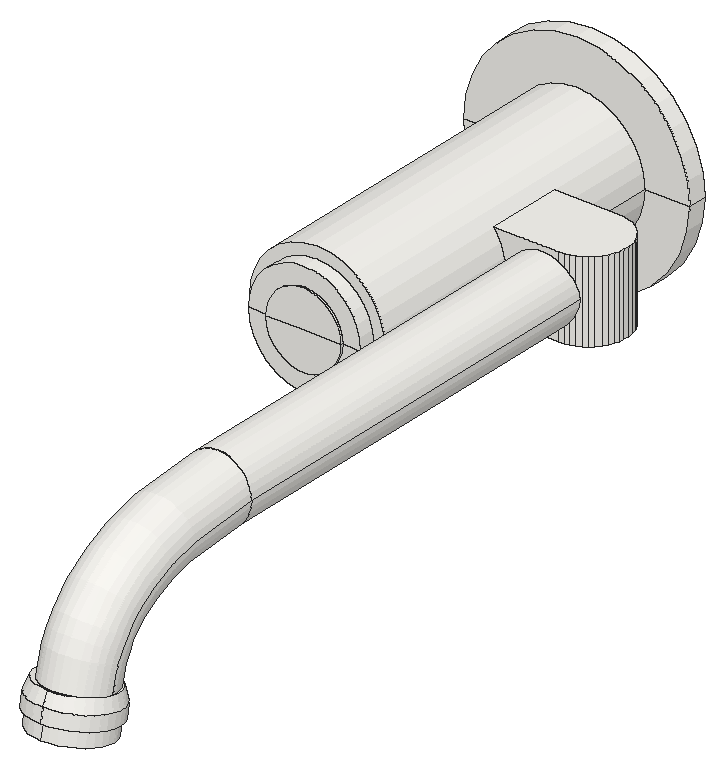
Revit family "DSPT0003_REVIT", category Generic Models, Revit 2017
Family settings
  Can host rebar = No
  Round Connector Dimension = Use Diameter
  Part Type = Normal
  Work Plane-Based = Yes
  Always vertical = Yes
  Cut with Voids When Loaded = No
  Shared = No
  Room Calculation Point = No
Parameters
  Website = "https://dolphy.in/"  # constant formula
  Default Elevation = 1219.2 mm
  Contact number = "+91 9520202035"  # constant formula
  Contact email = "info@dolphy.in"  # constant formula
  Company name = "Dolphy India"  # constant formula
Reference planes
  plane 1 "Center (Front/Back)": y = 0
  plane 2: z = 0
  plane 3 "Center (Left/Right)": x = 0
  plane 4 "a": x = 15.634
Forms (mm)
  Revolve 1, solid, material "Silver"
    sketch origin (-43.129, -255.803, 0) x (-1, 0, 0) y (0, -1, 0)
      loop
        line (-13, -164.585) -> (-31, -164.585) -> (-31, -250.803) -> (-13, -250.803) -> (-13, -164.585)
      axis (-31, -250.803) -> (-31, -164.585)
    angle from 0 to 360
  Revolve 2, solid, material "Silver"
    sketch origin (-12.153, -42.365, 0) x (-1, 0, 0) y (0, -1, 0)
      loop
        line (0, -37.365) -> (0, -42.365) -> (29.977, -42.365) -> (29.977, -37.365) -> (0, -37.365)
      axis (0, -37.365) -> (0, -42.365)
    angle from 0 to 360
  Revolve 3, solid, material "Silver"
    sketch origin (-12.153, -45.49, 0) x (-1, 0, 0) y (0, -1, 0)
      loop
        line (0, 43.635) -> (14.977, 43.635) -> (14.977, 49.744) -> (0, 49.744) -> (0, 43.635)
      axis (0, 49.744) -> (0, 43.635)
    angle from 0 to 360
  Revolve 4, solid, material "Silver"
    sketch origin (-12.153, -29.24, 0) x (-1, 0, 0) y (0, -1, 0)
      loop
        line (0, 65.454) -> (10, 65.454) -> (10, 66.421) -> (0, 66.421) -> (0, 65.454)
      axis (0, 66.421) -> (0, 65.421)
    angle from 0 to 360
  Revolve 5, solid, material "Silver"
    sketch origin (-8.403, -42.365, 0) x (-1, 0, 0) y (0, -1, 0)
      loop
        line (-15.037, 116.511) -> (-24.037, 116.511) -> (-24.037, 5.227) -> (-15.037, 5.227) -> (-15.037, 116.511)
      axis (-24.037, 116.511) -> (-24.037, 5.227)
    angle from 0 to 360
  Extrusion 6, solid, material "Silver"
    sketch origin (-21.528, -42.365, 0) x (-1, 0, 0) y (0, -1, 0)
      loop
        line (-24.375, 8.752) -> (-41.531, 8.752) -> (-42.931, 8.654) -> (-44.262, 8.372) -> (-45.498, 7.932) -> (-46.712, 7.306) -> (-47.71, 6.615) -> (-48.756, 5.666) -> (-49.716, 4.498) -> (-50.488, 3.199) -> (-50.962, 2.077) -> (-51.321, 0.792) -> (-51.504, -0.514) -> (-51.504, -1.982) -> (-51.262, -3.551) -> (-50.702, -5.234) -> (-49.944, -6.654) -> (-49.418, -7.396) -> (-48.844, -8.069) -> (-47.916, -8.944) -> (-46.818, -9.736) -> (-45.515, -10.42) -> (-44.236, -10.875) -> (-42.923, -11.15) -> (-40.775, -11.301) -> (-24.375, -11.301) -> (-24.375, 8.752)
    from -11 to 10.4
  Sweep 7, solid, material "Silver"
    path origin (-12.153, -96.962, 4.533) x (0, -0.99733, -0.073031) y (0, -0.073031, 0.99733)
      loop
        spline (62.08, 0) -> (68.707, 0.305) -> (74.856, 0.216) -> (80.527, -0.268) -> (85.721, -1.146) -> (90.438, -2.419) -> (94.676, -4.087) -> (98.437, -6.15) -> (101.721, -8.607) -> (104.527, -11.459) -> (106.855, -14.705) -> (108.705, -18.346) -> (110.079, -22.382)
    profile origin (-12.153, -191.087, -6.458) x (0, -0.487678, 0.873023) y (-1, 0, 0)
      loop
        circle (0, -27.787) r 9
  Revolve 8, solid, material "Silver"
    sketch origin (15, 0, 0) x (0, 1, 0) y (0, 0, 1)
      loop
        line (-204.738, -25.9) -> (-206.831, -36.862) -> (-196.881, -38.763) -> (-196.138, -34.869) -> (-195.142, -35.059) -> (-194.44, -31.381) -> (-194.887, -27.781) -> (-204.738, -25.9)
      axis (-204.738, -25.9) -> (-206.831, -36.862)
    angle from 0 to 360
Cuts and joins
  joined: Revolve 1, Revolve 2, Revolve 3, Revolve 4, Revolve 5, Extrusion 6
  joined: Sweep 7, Revolve 8
Dimensions and locks
  aligned and locked: level to plane 2
  aligned and locked: Sweep 7 to Revolve 8 sketch curve
